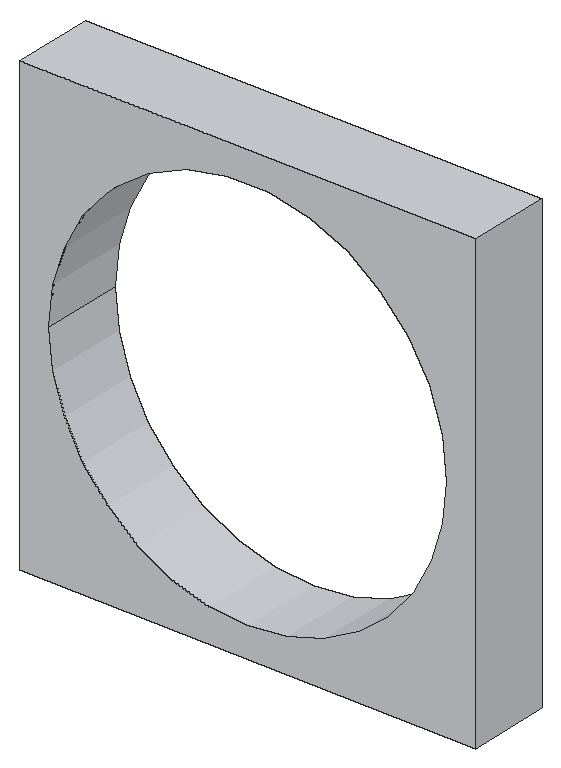
Revit family "Circular3", category Modelos genéricos, Revit 2019
Family settings
  Pode hospedar o vergalhão = Não
  Cota do conector redondo = Utilizar diâmetro
  Tipo de parte = Normal
  Com base no plano de trabalho = Não
  Sempre na vertical = Sim
  Corte com vazios quando carregada = Não
  Compartilhado = Não
  Ponto de cálculo do ambiente = Não
Parameters
  Largura = 390 mm
  Espessura = 70 mm
  R = Largura / 2 - 25 mm  # 170 mm
  Material = none
Reference planes
  plane 1 "Centro (Frente/Trás)": y = 0
  plane 2: z = 0
  plane 3 "Centro (Esquerda/Direita)": x = 0
  plane 4: y = 35
  plane 5: y = -35
  plane 6: x = 390
  plane 7: z = 390
  plane 8: z = 195
  plane 9: x = 195
Forms (mm)
  Extrusion 1, solid, material <- "Material"
    sketch origin (0, 0, 0) x (1, 0, 0) y (0, 0, 1)
      loop
        line (0, 390) -> (0, 0) -> (390, 0) -> (390, 390) -> (0, 390)
      loop
        circle (195, 195) r 170
    from -35 to 35
Dimensions and locks
  equal spacing: plane 4, plane 1 "Centro (Frente/Trás)", plane 5
  "Espessura": plane 4 to plane 5
  "Largura": plane 7 to plane 2
  "Largura": plane 6 to plane 3 "Centro (Esquerda/Direita)"
  equal spacing: plane 6, plane 9, plane 3 "Centro (Esquerda/Direita)"
  equal spacing: plane 7, plane 8, plane 2
  "R": radius of Extrusion 1 sketch curve
  aligned and locked: level to plane 2
  aligned and locked: Extrusion 1 sketch curve to plane 6
  aligned and locked: Extrusion 1 sketch curve to plane 7
  aligned and locked: plane 3 "Centro (Esquerda/Direita)" to Extrusion 1 sketch curve
  aligned and locked: plane 2 to Extrusion 1 sketch curve
  aligned and locked: plane 4 to Extrusion 1
  aligned and locked: plane 5 to Extrusion 1
  aligned and locked: plane 8 to Extrusion 1 sketch curve
  aligned and locked: plane 9 to Extrusion 1 sketch curve
